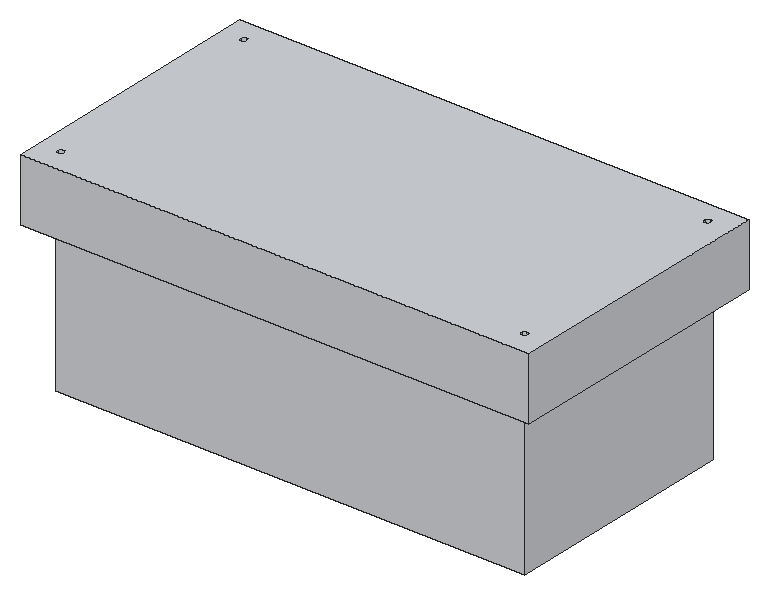
Revit family "Building-FlushMountingEnclosures-GEWISS-48CM-JUNCTION-BOXES_FLUSH-MOUNTING_HIGH_CAPACITY_HIGH_LID", category Apparecchi elettrici, host Superficie, Revit 2016
Family settings
  Host = Superficie
  Mantenere orientamento annotazione = Sì
  Tipo di parte = Normale
  Quota connettore circolare = Usa diametro
  Numero OmniClass = 23.80.30.00
  Titolo OmniClass = Distribution Devices
  Taglio con vuoti quando caricato = No
  Condiviso = No
  Punto di calcolo locali = Sì
Parameters (values of type "GW48231 - UPRIGHTS BOX 520X260X121 DEEP LID")
  simbolo acceso [instance] = yes
  dIST_SIMB_BERTICALE [instance] = 235.329 mm
  dIST_MURO [instance] = 4.208 mm
  cassetta = none
  Version file RFA = "18.0"
  URL = "https://www.gewiss.com/ww/en"
  Type of material = "Halogen-free in compliance with EN 60754-2"
  Thermo-pressure with ball = "70 °C"
  Technical sheet = "https://www.gewiss.com/ww/en/search?q=GW48231"
  Shock resistance = "IK07"
  SEO = "Box"
  Realized by GEWISS S.p.A. = ""
  Default Elevation = 1219.2 mm
  Produttore = "GEWISS S.p.A."
  Potenza in wtt = 0 V
  Outer dim. LxHxD (mm) = "520x260x121"
  Operating temperature = "-15 ÷ +60°C"
  Numero di poli = 1
  Modello = "GW48231"
  Lunghezza cassetta interna = 520 mm
  Lid colour = "White RAL 9016"
  Larghezza cassetta interna = 260 mm
  Installation = "Flush mounting enclosures"
  Immagine tipo = GW48231.jpg
  IP degree = "IP40"
  IFC.TypeObject = ""
  IFC.ExportType = ""
  IFC.ExportAs = ""
  IDT = "885dd1c5-7278-46c8-8c62-00a91bbd3998"
  IDF = "9f314930-3d2d-49c4-a5e6-84b4d149b427"
  Glow Wire Test = "650°C"
  For walls = "Masonry"
  Electrocod = "0220"
  EAN code = "8011564027312"
  Dispersible power (W) = "30"
  Dispersible max power (W) = "30"
  Descrizione = "UPRIGHTS BOX 520X260X121 DEEP LID"
  Compartment pre-arrangement = "5"
  Catalogue Range = "48 CM"
  Catalogue = "BUILDING"
  Carico = Altro
  COBie.Tagnumber = ""
  COBie.CreatedOn = ""
  COBie.CreatebBy = ""
  COBie.ComponentRegisterItemID = ""
  COBie.Component.TagNumber = ""
  COBie.Component.Space = ""
  COBie.Component.SerialNumber = ""
  COBie.Component.InstallationDate = ""
  COBie.Component.Description = ""
  COBie.Component.BarCode = ""
  Bordo acceso [instance] = yes
Types (3, lengths in mm): name | URL | Technical sheet | Produttore | Outer dim. LxHxD (mm) | Modello | Lunghezza cassetta interna | Immagine tipo | IDT | EAN code | Dispersible power (W) | Dispersible max power (W) | Descrizione | Compartment pre-arrangement
  (no name) | 0 | "" | 0 | "" | 0 | 520 | GW48231.jpg | "" | "" | "" | "" | 0 | ""
  GW48231 - UPRIGHTS BOX 520X260X121 DEEP LID | "https://www.gewiss.com/ww/en" | "https://www.gewiss.com/ww/en/search?q=GW48231" | "GEWISS S.p.A." | "520x260x121" | "GW48231" | 520 | GW48231.jpg | "885dd1c5-7278-46c8-8c62-00a91bbd3998" | "8011564027312" | "30" | "30" | "UPRIGHTS BOX 520X260X121 DEEP LID" | "5"
  GW48227 - UPRIGHTS BOX 260X260X121 DEEP LID | "https://www.gewiss.com/ww/en" | "https://www.gewiss.com/ww/en/search?q=GW48227" | "GEWISS S.p.A." | "260x260x121" | "GW48227" | 260 | GW48227.jpg | "518a4f49-1015-4d8b-a6e0-b0bcf5db30b3" | "8011564027305" | "13" | "13" | "UPRIGHTS BOX 260X260X121 DEEP LID" | "2"
Values of the unnamed type that differ from the named types
  Version file RFA = ""
  Type of material = ""
  Thermo-pressure with ball = ""
  Shock resistance = ""
  SEO = ""
  Operating temperature = ""
  Lid colour = ""
  Installation = ""
  IP degree = ""
  IDF = ""
  Glow Wire Test = ""
  For walls = ""
  Electrocod = ""
  Catalogue Range = ""
  Catalogue = ""
Reference planes
  plane 1 "Centro (Fronte/Retro)": y = 0
  plane 2: z = 0
  plane 3 "Centro (Sinistra/Destra)": x = 0
  plane 4: x = -282
  plane 5: x = 282
  plane 6: y = -152
  plane 7: y = 152
  plane 8: x = -260
  plane 9: y = 130
  plane 10: x = 260
  plane 11: y = -130
  plane 12: z = 70
  plane 13: z = -166.802
  plane 14: x = -257
  plane 15: y = 127
  plane 16: y = -127
  plane 17: x = 257
  plane 18: x = -235.329
  plane 19: y = 125.571
Forms (mm)
  Extrusion 1, solid, material <- "cassetta"
    sketch origin (0, 0, 0) x (1, 0, 0) y (0, 1, 0)
      loop
        line (-282, 152) -> (-282, -152) -> (282, -152) -> (282, 152) -> (-282, 152)
    from 0 to 70
  Extrusion 2, void
    sketch origin (0, 0, 0) x (1, 0, 0) y (0, 1, 0)
      loop
        line (-260, 130) -> (-260, -130) -> (260, -130) -> (260, 130) -> (-260, 130)
    from -166.802 to 0
  Extrusion 3, solid
    sketch origin (0, 0, 0) x (1, 0, 0) y (0, 1, 0)
      loop
        line (-260, 130) -> (-260, -130) -> (260, -130) -> (260, 130) -> (-260, 130)
      loop
        line (-257, 127) -> (-257, -127) -> (257, -127) -> (257, 127) -> (-257, 127)
    from -166.802 to 0
  Extrusion 4, void
    sketch origin (0, 0, 0) x (1, 0, 0) y (0, 1, 0)
      loop
        circle (-257, 127) r 3.382
      loop
        circle (257, 127) r 3.382
      loop
        circle (-257, -127) r 3.382
      loop
        circle (257, -127) r 3.382
    from 0 to 70
Cuts and joins
  Extrusion 2, Extrusion 4 cuts Extrusion 1
  Extrusion 4 cuts Extrusion 3
Dimensions and locks
  locked: plane 4 to plane 8 at 22
  locked: plane 10 to plane 5 at 22
  locked: plane 11 to plane 6 at 22
  locked: plane 7 to plane 9 at 22
  locked: plane 12 to host face at 70
  host face to plane 13 = 166.802 mm
  equal spacing: plane 8, plane 3 "Centro (Sinistra/Destra)", plane 10
  "Lunghezza cassetta interna": plane 8 to plane 10
  equal spacing: plane 9, plane 1 "Centro (Fronte/Retro)", plane 11
  "Larghezza cassetta interna": plane 9 to plane 11
  locked: plane 15 to plane 9 at 3
  locked: plane 11 to plane 16 at 3
  locked: plane 17 to plane 10 at 3
  locked: plane 8 to plane 14 at 3
  "dIST_SIMB_BERTICALE": plane 18 to plane 3 "Centro (Sinistra/Destra)"
  aligned and locked: plane 2 to host face
  aligned and locked: level to host face
  aligned and locked: Extrusion 1 sketch curve to plane 7
  aligned and locked: plane 4 to Extrusion 1 sketch curve
  aligned and locked: plane 6 to Extrusion 1 sketch curve
  aligned and locked: Extrusion 1 sketch curve to plane 5
  aligned and locked: plane 12 to Extrusion 1
  aligned and locked: Extrusion 1 to level
  aligned and locked: Extrusion 2 sketch curve to plane 9
  aligned and locked: plane 8 to Extrusion 2 sketch curve
  aligned and locked: plane 11 to Extrusion 2 sketch curve
  aligned and locked: Extrusion 2 sketch curve to plane 10
  aligned and locked: level to Extrusion 2
  aligned and locked: Extrusion 2 to plane 13
  aligned and locked: Extrusion 3 sketch curve to plane 9
  aligned and locked: plane 8 to Extrusion 3 sketch curve
  aligned and locked: plane 11 to Extrusion 3 sketch curve
  aligned and locked: Extrusion 3 sketch curve to plane 10
  aligned and locked: Extrusion 3 sketch curve to plane 14
  aligned and locked: Extrusion 3 sketch curve to plane 15
  aligned and locked: Extrusion 3 sketch curve to plane 17
  aligned and locked: Extrusion 3 sketch curve to plane 16
  aligned and locked: Extrusion 3 to plane 13
  aligned and locked: level to Extrusion 3
  aligned and locked: Extrusion 4 sketch curve to plane 15
  aligned and locked: plane 14 to Extrusion 4 sketch curve  (x2)
  aligned and locked: plane 17 to Extrusion 4 sketch curve  (x2)
  aligned and locked: plane 15 to Extrusion 4 sketch curve
  aligned and locked: Extrusion 4 sketch curve to plane 16
  aligned and locked: plane 16 to Extrusion 4 sketch curve
  aligned and locked: Extrusion 1 to Extrusion 4
  aligned and locked: Extrusion 4 to level
  aligned and locked: nested 1 to plane 19
  aligned and locked: plane 18 to nested 1
Automatic sketch dimensions
  host sketch curve to host sketch curve = 2438.4 mm  (x2)
  radius of Extrusion 4 sketch curve = 3.382 mm  (x4)
Nested families
  nested 1: "CASSDERIVAZPAR" at (-235.329, 125.571, 0), Distanza dal muro <- "dIST_MURO", BORDO ACCESO <- "Bordo acceso", SIMBOLO ACCESO <- "simbolo acceso", type "CASSETTA"
    with SIMBOLO ACCESO yes, Distanza dal muro 4.208 mm, BORDO ACCESO yes
Connectors
  electrical at (282, 0, 35), driven by "Numero di poli", driven by "Carico", driven by "Potenza in wtt"
    settings: on cut or joined group of Extrusion 1, Extrusion 2, Extrusion 4, index 1, voltage 0 V, apparent load 0 VA, apparent load phase1 0 VA, apparent load phase2 0 VA, apparent load phase3 0 VA, power factor 1, load classification "Altro", number of poles 1, system type 30, power factor state 1, is connector primary yes, connector utility no, sub classification motor no, connector description ""
Definition of nested family "CASSDERIVAZPAR"
  Parameters (values of type "CASSETTA")
    SIMBOLO ACCESO [instance] = yes
    Distanza dal muro [instance] = 4.208 mm
    BORDO ACCESO [instance] = yes
  Reference planes
    plane 1: y = 0
    plane 2: x = 0
  Dimensions and locks
    "Distanza dal muro": plane 1 to nested 1
    aligned and locked: plane 2 to nested 1
  Nested families
    nested 1: "CASSDERIVAZPAR_BASE" at (0, 4.208, 0), BORDO ACCESO <- "BORDO ACCESO", SIMBOLO ACCESO <- "SIMBOLO ACCESO", type "CASSETTA"
      with BORDO ACCESO yes
  Definition of nested family "CASSDERIVAZPAR_BASE"
    Parameters (values of type "CASSETTA")
      SIMBOLO ACCESO [instance] = yes
      Distanza dal muro = 4.208 mm
      BORDO ACCESO [instance] = yes
    Reference planes
      plane 1: y = 0
      plane 2: x = 0
    Lines and regions (mm)
      detail lines, visible <- "BORDO ACCESO"
        curve 1: line (-1, 2.5, 0) -> (1, 2.5, 0)
        curve 2: line (1, 2.5, 0) -> (1, 0, 0)
        curve 3: line (1, 0, 0) -> (-1, 0, 0)
        curve 4: line (-1, 0, 0) -> (-1, 2.5, 0)
        curve 5: line (-0.9, 2.4, 0) -> (0.9, 2.4, 0)
        curve 6: line (0.9, 2.4, 0) -> (0.9, 0.1, 0)
        curve 7: line (0.9, 0.1, 0) -> (-0.9, 0.1, 0)
        curve 8: line (-0.9, 0.1, 0) -> (-0.9, 2.4, 0)
      detail lines, visible <- "BORDO ACCESO", not visible
        curve 9: line (-2.443, 10.208, 0) -> (2.057, 10.208, 0)
        curve 10: line (2.057, 10.208, 0) -> (2.057, 4.208, 0)
        curve 11: line (2.057, 4.208, 0) -> (-2.443, 4.208, 0)
        curve 12: line (-2.443, 4.208, 0) -> (-2.443, 10.208, 0)
        curve 13: line (-2.043, 9.808, 0) -> (1.657, 9.808, 0)
        curve 14: line (1.657, 9.808, 0) -> (1.657, 4.608, 0)
        curve 15: line (1.657, 4.608, 0) -> (-2.043, 4.608, 0)
        curve 16: line (-2.043, 4.608, 0) -> (-2.043, 9.808, 0)
      detail lines, visible <- "SIMBOLO ACCESO"
        curve 17: line (-0.7, 1.95, 0) -> (0.7, 1.95, 0)
        curve 18: line (-0.7, 0.55, 0) -> (-0.7, 1.95, 0)
        curve 19: line (0.7, 0.55, 0) -> (-0.7, 0.55, 0)
        curve 20: line (0.7, 1.95, 0) -> (0.7, 0.55, 0)
        curve 21: circle (0, 1.25, 0) r 0.1 normal (0, 0, 1)
    Dimensions and locks
      aligned and locked: curve 3 to plane 1
